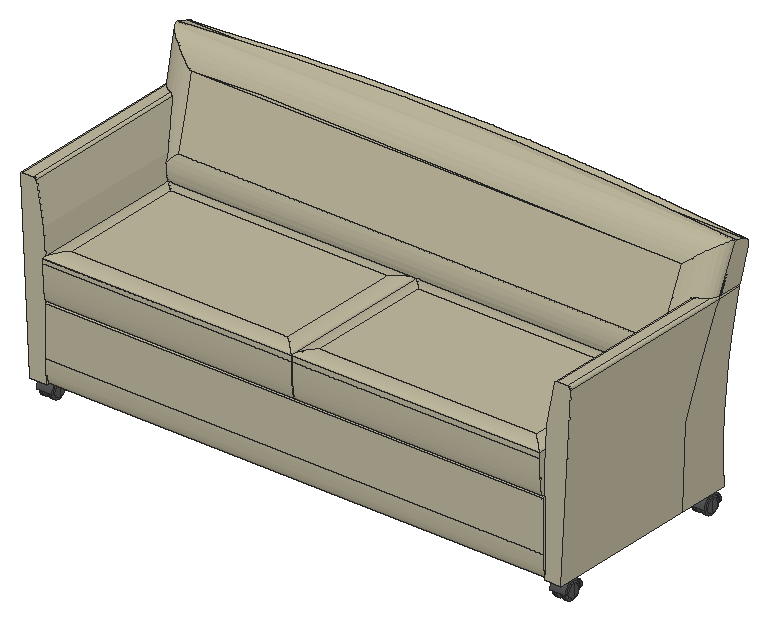
Revit family
Parameters
  URL = "http://www.martinbrattrud.com"
  SCS Certified Product = "Yes"
  Model = "Heritage 910-72"
  Manufacturer = "Martin Brattrud, Inc."
  Handle [instance] = none
  Keynote = "125000"
  Copyright = "© 2013 Martin Brattrud, Inc."
  Chair [instance] = none
  Wheel [instance] = none
  Authoring Version = "Revit Architecture 2010"
  Assembly Code = "E2020200"
Reference planes (in)
  plane 1 "Center Front/Back": y = 0
  plane 2: z = 0
  plane 3: x = 21.41231
Forms (in)
  Extrusion 1, solid, material <- "Chair"
    sketch origin (0, 0, 0) x (0, 1, 0) y (0, 0, 1)
      loop
        arc (12.74026, 2.62614) -> (12.50987, 16.40948) -> (14.59049, 30.03683) r 82.04243
        arc (14.59049, 30.03683) -> (14.49515, 30.75072) -> (13.94487, 31.21539) r 1
        line (13.94487, 31.21539) -> (12.52721, 31.70551) -> (6.08401, 13.06882) -> (6.08401, 2.62614) -> (12.74026, 2.62614)
    from -14.5 to 57.5
  Extrusion 2, solid, material <- "Chair"
    sketch origin (0, 0, 0) x (0, 1, 0) y (0, 0, 1)
      loop
        line (6.08401, 17.39354) -> (-13.90749, 17.39354) -> (-13.90749, 16.73684)
        spline (-13.90749, 16.73684) -> (-13.90289, 16.14947) -> (-13.88917, 15.57215) -> (-13.86656, 15.01476) -> (-13.83545, 14.48684) -> (-13.79637, 13.99741) -> (-13.75, 13.55486) -> (-13.69712, 13.16675) -> (-13.63864, 12.83973) -> (-13.57556, 12.57938) -> (-13.50896, 12.39017) -> (-13.43998, 12.27534) -> (-13.36979, 12.23684)
        line (-13.36979, 12.23684) -> (6.08401, 12.23684) -> (6.08401, 17.39354)
    from -10.4547 to 21.41231
  Sweep 3, solid, material <- "Chair"
    path in 3D
      loop
        line (-10.4547, 6.08401, 17.39354) -> (-10.4547, -13.90749, 17.39354) -> (21.41231, -13.90749, 17.39354) -> (21.41231, 6.08401, 17.39354) -> (-10.4547, 6.08401, 17.39354)
    profile origin (5.4788, 6.08401, 17.39354) x (0, -1, 0) y (0, 0, 1)
      loop
        line (0.03125, 0) -> (2.03125, 0) -> (2.03125, 0.56884)
        spline (2.03125, 0.56884) -> (1.7702, 0.56397) -> (1.51361, 0.54946) -> (1.26588, 0.52554) -> (1.03125, 0.49263) -> (0.81373, 0.45129) -> (0.61704, 0.40223) -> (0.44454, 0.34629) -> (0.2992, 0.28442) -> (0.18349, 0.21768) -> (0.0994, 0.14723) -> (0.04836, 0.07425) -> (0.03125, 0)
  Extrusion 4, solid, material <- "Chair"
    sketch origin (0, 0, 0) x (1, 0, 0) y (0, 1, 0)
      loop
        line (-8.42345, -11.87624) -> (19.38106, -11.87624) -> (19.38106, 4.05276) -> (-8.42345, 4.05276) -> (-8.42345, -11.87624)
    from 17.39354 to 17.96237
  Sweep 5, solid, material <- "Chair"
    path in 3D
      loop
        arc (57.5, 12.7199, 2.83) -> (57.5, 12.51683, 16.51168) -> (57.5, 14.59049, 30.03683) r 82.04243
        arc (57.5, 14.59049, 30.03683) -> (57.5, 14.49515, 30.75072) -> (57.5, 13.94487, 31.21539) r 1
        line (57.5, 13.94487, 31.21539) -> (57.5, 12.52721, 31.70551)
    profile origin (57.5, 13.23604, 31.46045) x (0, -0.32675, -0.945111) y (1, 0, 0)
      loop
        line (0, -72) -> (0, 0)
        arc (0, 0) -> (-1.30671, -36) -> (0, -72) r 496.55435
  Extrusion 6, void
    sketch origin (0, -11.75, 0) x (-1, 0, 0) y (0, 0, 1)
      loop
        arc (14.35088, 31.98684) -> (14.08326, 28.99427) -> (13.83545, 26) r 453.67894
        line (13.83545, 26) -> (13.42967, 26)
        arc (13.42967, 26) -> (13.70502, 25.87957) -> (13.80352, 25.59564) r 0.375
        arc (13.80352, 25.59564) -> (12.98082, 12.80689) -> (12.51965, 0) r 453.67894
        line (12.51965, 0) -> (15.2047, 0) -> (15.2047, 31.98684) -> (14.35088, 31.98684)
      loop
        line (-57.35088, 31.98684) -> (-58.2047, 31.98684) -> (-58.2047, 0) -> (-55.51965, 0)
        arc (-55.51965, 0) -> (-55.98082, 12.80689) -> (-56.80352, 25.59564) r 453.67894
        arc (-56.80352, 25.59564) -> (-56.70502, 25.87957) -> (-56.42967, 26) r 0.375
        line (-56.42967, 26) -> (-56.83545, 26)
        arc (-56.83545, 26) -> (-57.08326, 28.99427) -> (-57.35088, 31.98684) r 453.67894
    from -2.61979 to 26.83358
  Extrusion 7, solid, material <- "Chair"
    sketch origin (0, 19.68984, 52.42315) x (0, -0.32675, -0.945111) y (1, 0, 0)
      loop
        arc (25.63663, -9.97112) -> (29.88994, -9.65274) -> (34.14575, -9.36984) r 511.348
        line (34.14575, -9.36984) -> (34.14575, 52.40436) -> (25.65051, 53.01449)
        arc (25.65051, 53.01449) -> (24.64539, 21.5219) -> (25.63663, -9.97112) r 497.30164
    from 0 to 2.25
  Extrusion 8, solid, material <- "Chair"
    sketch origin (0, 0, 0) x (0, 1, 0) y (0, 0, 1)
      loop
        arc (-13.25527, 12.23684) -> (-13.43205, 12.16362) -> (-13.50527, 11.98684) r 0.25
        line (-13.50527, 11.98684) -> (-13.50527, 5.62614)
        spline (-13.50527, 5.62614) -> (-13.50023, 5.23456) -> (-13.48519, 4.84968) -> (-13.46042, 4.47809) -> (-13.42632, 4.12614) -> (-13.3835, 3.79985) -> (-13.33268, 3.50482) -> (-13.27472, 3.24608) -> (-13.21063, 3.02806) -> (-13.1415, 2.8545) -> (-13.06851, 2.72836) -> (-12.99291, 2.6518) -> (-12.91599, 2.62614)
        line (-12.91599, 2.62614) -> (6.08401, 2.62614) -> (6.08401, 12.23684) -> (-13.25527, 12.23684)
    from -10.4547 to 53.4547
  Sweep 9, solid, material <- "Chair"
    path origin (0, 11.84785, 29.74049) x (0, -0.32675, -0.945111) y (1, 0, 0)
      loop
        line (14.177, 56.15647) -> (-2.0979, 57.32533)
        arc (-2.0979, 57.32533) -> (-3.38586, 21.49909) -> (-2.1103, -14.32759) r 501.33289
        arc (-2.1103, -14.32759) -> (6.0287, -13.68425) -> (14.177, -13.17198) r 507.31675
        line (14.177, -13.17198) -> (14.177, 56.15647)
    profile origin (21.49225, 7.21551, 16.34165) x (0, -0.32675, -0.945111) y (0, -0.945111, 0.32675)
      loop
        line (-4.03125, 0) -> (-0.03125, 0)
        spline (-0.03125, 0) -> (-0.06547, 0.29368) -> (-0.16755, 0.58234) -> (-0.33573, 0.86104) -> (-0.56715, 1.125) -> (-0.85784, 1.36971) -> (-1.20282, 1.59099) -> (-1.5962, 1.78505) -> (-2.03125, 1.94856) -> (-2.50052, 2.07873) -> (-2.99597, 2.17333) -> (-3.50915, 2.23075) -> (-4.03125, 2.25)
        line (-4.03125, 2.25) -> (-4.03125, 0)
  Extrusion 10, solid, material <- "Chair"
    sketch origin (0, -11.75, 0) x (-1, 0, 0) y (0, 0, 1)
      loop
        arc (12.5847, 2.62614) -> (13.04852, 14.11862) -> (13.80352, 25.59564) r 453.67894
        arc (13.80352, 25.59564) -> (13.70502, 25.87957) -> (13.42967, 26) r 0.375
        line (13.42967, 26) -> (12.10847, 26)
        arc (12.10847, 26) -> (11.87817, 25.92096) -> (11.74496, 25.71714) r 0.375
        arc (11.74496, 25.71714) -> (10.77851, 20.58673) -> (10.4547, 15.37614) r 42.08491
        line (10.4547, 15.37614) -> (10.4547, 2.62614) -> (12.5847, 2.62614)
      loop
        line (-55.5847, 2.62614) -> (-53.4547, 2.62614) -> (-53.4547, 15.37614)
        arc (-53.4547, 15.37614) -> (-53.77851, 20.58673) -> (-54.74496, 25.71714) r 42.08491
        arc (-54.74496, 25.71714) -> (-54.87817, 25.92096) -> (-55.10847, 26) r 0.375
        line (-55.10847, 26) -> (-56.42967, 26)
        arc (-56.42967, 26) -> (-56.70502, 25.87957) -> (-56.80352, 25.59564) r 0.375
        arc (-56.80352, 25.59564) -> (-56.04852, 14.11862) -> (-55.5847, 2.62614) r 453.67894
    from -1.61979 to 25.88021
  Extrusion 11, solid, material <- "Wheel"
    sketch origin (0, 0, 0) x (0, 1, 0) y (0, 0, -1)
      loop
        arc (-12.47848, -1.0804) -> (-11.16598, -2.45654) -> (-9.85348, -1.0804) r 1.31397
        line (-9.85348, -1.0804) -> (-9.98095, -1.08637)
        arc (-9.98095, -1.08637) -> (-11.16745, -2.3304) -> (-12.35395, -1.08637) r 1.18783
        line (-12.35395, -1.08637) -> (-12.47848, -1.0804)
    from 10.44 to 12.44
  Revolve 12, solid, material <- "Wheel"
    sketch origin (0, -11.1734, 0) x (1, 0, 0) y (0, 0, -1)
      loop
        line (-11.315, -1.0804) -> (-10.47801, -1.0804) -> (-10.47801, -0.25)
        arc (-10.47801, -0.25) -> (-10.55123, -0.07322) -> (-10.72801, 0) r 0.25
        line (-10.72801, 0) -> (-11.065, 0)
        arc (-11.065, 0) -> (-11.24178, -0.07322) -> (-11.315, -0.25) r 0.25
        line (-11.315, -0.25) -> (-11.315, -1.0804)
      loop
        line (-11.565, -1.0804) -> (-11.565, -0.25)
        arc (-11.565, -0.25) -> (-11.63822, -0.07322) -> (-11.815, 0) r 0.25
        line (-11.815, 0) -> (-12.15199, 0)
        arc (-12.15199, 0) -> (-12.32877, -0.07322) -> (-12.40199, -0.25) r 0.25
        line (-12.40199, -0.25) -> (-12.40199, -1.0804) -> (-11.565, -1.0804)
      axis (-10.47801, -1.0804) -> (-12.40199, -1.0804)
    angle from 0 to 360
  Extrusion 13, solid, material <- "Wheel"
    sketch origin (-0.05844, 104.0333, 2.12614) x (-0.99232, 0.1237, 0) y (-0.1237, -0.99232, 0)
      loop
        circle (-2.90427, 115.22304) r 0.25
    from 0.04498 to 0.5
  Extrusion 14, solid, material <- "Wheel"
    sketch origin (0, 0, 0) x (0, -1, 0) y (0, 0, 1)
      loop
        line (-12.47848, 1.0804) -> (-12.35395, 1.08637)
        arc (-12.35395, 1.08637) -> (-11.16745, 2.3304) -> (-9.98095, 1.08637) r 1.18783
        line (-9.98095, 1.08637) -> (-9.85348, 1.0804)
        arc (-9.85348, 1.0804) -> (-11.16598, 2.45654) -> (-12.47848, 1.0804) r 1.31397
    from 10.44 to 12.44
  Revolve 15, solid, material <- "Wheel"
    sketch origin (0, 11.1734, 0) x (1, 0, 0) y (0, 0, 1)
      loop
        line (-11.315, 1.0804) -> (-11.315, 0.25)
        arc (-11.315, 0.25) -> (-11.24178, 0.07322) -> (-11.065, 0) r 0.25
        line (-11.065, 0) -> (-10.72801, 0)
        arc (-10.72801, 0) -> (-10.55123, 0.07322) -> (-10.47801, 0.25) r 0.25
        line (-10.47801, 0.25) -> (-10.47801, 1.0804) -> (-11.315, 1.0804)
      loop
        line (-11.565, 1.0804) -> (-12.40199, 1.0804) -> (-12.40199, 0.25)
        arc (-12.40199, 0.25) -> (-12.32877, 0.07322) -> (-12.15199, 0) r 0.25
        line (-12.15199, 0) -> (-11.815, 0)
        arc (-11.815, 0) -> (-11.63822, 0.07322) -> (-11.565, 0.25) r 0.25
        line (-11.565, 0.25) -> (-11.565, 1.0804)
      axis (-10.47801, 1.0804) -> (-12.40199, 1.0804)
    angle from 0 to 360
  Extrusion 16, solid, material <- "Wheel"
    sketch origin (-0.05844, -104.0333, 2.12614) x (0.99232, 0.1237, 0) y (-0.1237, 0.99232, 0)
      loop
        circle (2.90427, 115.22304) r 0.25
    from 0.04498 to 0.5
  Extrusion 17, void
    sketch origin (0, 0, 0) x (0, 1, 0) y (0, 0, 1)
      loop
        line (17.43249, 34.00269) -> (15.64821, 34.00269)
        arc (15.64821, 34.00269) -> (12.61417, 17.78301) -> (12.88719, 1.28425) r 82.04243
        line (12.88719, 1.28425) -> (17.43249, 1.28425) -> (17.43249, 34.00269)
    from -16 to 60.38347
  Extrusion 18, void
    sketch origin (0, -11.75, 0) x (-1, 0, 0) y (0, 0, 1)
      loop
        line (14.2047, 2.62614) -> (14.2047, 26.0625) -> (12.10847, 26.0625)
        arc (12.10847, 26.0625) -> (11.87817, 25.98346) -> (11.74496, 25.77964) r 0.375
        arc (11.74496, 25.77964) -> (10.77851, 20.64923) -> (10.4547, 15.43864) r 42.08491
        line (10.4547, 15.43864) -> (10.4547, 2.62614) -> (14.2047, 2.62614)
      loop
        line (-57.18961, 2.62614) -> (-53.43961, 2.62614) -> (-53.43961, 15.43864)
        arc (-53.43961, 15.43864) -> (-53.76342, 20.64923) -> (-54.72988, 25.77964) r 42.08491
        arc (-54.72988, 25.77964) -> (-54.86308, 25.98346) -> (-55.09338, 26.0625) r 0.375
        line (-55.09338, 26.0625) -> (-57.18961, 26.0625) -> (-57.18961, 2.62614)
    from -1.61979 to 25.88021
  Extrusion 19, solid, material <- "Wheel"
    sketch origin (43, 0, 0) x (0, 1, 0) y (0, 0, 1)
      loop
        line (-12.47848, 1.0804) -> (-12.35395, 1.08637)
        arc (-12.35395, 1.08637) -> (-11.16745, 2.3304) -> (-9.98095, 1.08637) r 1.18783
        line (-9.98095, 1.08637) -> (-9.85348, 1.0804)
        arc (-9.85348, 1.0804) -> (-11.16598, 2.45654) -> (-12.47848, 1.0804) r 1.31397
    from 10.44 to 12.44
  Revolve 20, solid, material <- "Wheel"
    sketch origin (43, -11.1734, 0) x (-1, 0, 0) y (0, 0, 1)
      loop
        line (-11.315, 1.0804) -> (-11.315, 0.25)
        arc (-11.315, 0.25) -> (-11.24178, 0.07322) -> (-11.065, 0) r 0.25
        line (-11.065, 0) -> (-10.72801, 0)
        arc (-10.72801, 0) -> (-10.55123, 0.07322) -> (-10.47801, 0.25) r 0.25
        line (-10.47801, 0.25) -> (-10.47801, 1.0804) -> (-11.315, 1.0804)
      loop
        line (-11.565, 1.0804) -> (-12.40199, 1.0804) -> (-12.40199, 0.25)
        arc (-12.40199, 0.25) -> (-12.32877, 0.07322) -> (-12.15199, 0) r 0.25
        line (-12.15199, 0) -> (-11.815, 0)
        arc (-11.815, 0) -> (-11.63822, 0.07322) -> (-11.565, 0.25) r 0.25
        line (-11.565, 0.25) -> (-11.565, 1.0804)
      axis (-10.47801, 1.0804) -> (-12.40199, 1.0804)
    angle from 0 to 360
  Extrusion 21, solid, material <- "Wheel"
    sketch origin (43.05844, 104.0333, 2.12614) x (-0.99232, -0.1237, 0) y (0.1237, -0.99232, 0)
      loop
        circle (2.90427, 115.22304) r 0.25
    from 0.04498 to 0.5
  Extrusion 22, solid, material <- "Wheel"
    sketch origin (43, 0, 0) x (0, -1, 0) y (0, 0, -1)
      loop
        arc (-12.47848, -1.0804) -> (-11.16598, -2.45654) -> (-9.85348, -1.0804) r 1.31397
        line (-9.85348, -1.0804) -> (-9.98095, -1.08637)
        arc (-9.98095, -1.08637) -> (-11.16745, -2.3304) -> (-12.35395, -1.08637) r 1.18783
        line (-12.35395, -1.08637) -> (-12.47848, -1.0804)
    from 10.44 to 12.44
  Revolve 23, solid, material <- "Wheel"
    sketch origin (43, 11.1734, 0) x (-1, 0, 0) y (0, 0, -1)
      loop
        line (-11.315, -1.0804) -> (-10.47801, -1.0804) -> (-10.47801, -0.25)
        arc (-10.47801, -0.25) -> (-10.55123, -0.07322) -> (-10.72801, 0) r 0.25
        line (-10.72801, 0) -> (-11.065, 0)
        arc (-11.065, 0) -> (-11.24178, -0.07322) -> (-11.315, -0.25) r 0.25
        line (-11.315, -0.25) -> (-11.315, -1.0804)
      loop
        line (-11.565, -1.0804) -> (-11.565, -0.25)
        arc (-11.565, -0.25) -> (-11.63822, -0.07322) -> (-11.815, 0) r 0.25
        line (-11.815, 0) -> (-12.15199, 0)
        arc (-12.15199, 0) -> (-12.32877, -0.07322) -> (-12.40199, -0.25) r 0.25
        line (-12.40199, -0.25) -> (-12.40199, -1.0804) -> (-11.565, -1.0804)
      axis (-10.47801, -1.0804) -> (-12.40199, -1.0804)
    angle from 0 to 360
  Extrusion 24, solid, material <- "Wheel"
    sketch origin (43.05844, -104.0333, 2.12614) x (0.99232, -0.1237, 0) y (0.1237, 0.99232, 0)
      loop
        circle (-2.90427, 115.22304) r 0.25
    from 0.04498 to 0.5
  Extrusion 25, solid, material <- "Chair"
    sketch origin (42.82461, 0, 0) x (0, 1, 0) y (0, 0, -1)
      loop
        line (6.08401, -17.39354) -> (6.08401, -12.23684) -> (-13.36979, -12.23684)
        spline (-13.36979, -12.23684) -> (-13.43998, -12.27534) -> (-13.50896, -12.39017) -> (-13.57556, -12.57938) -> (-13.63864, -12.83973) -> (-13.69712, -13.16675) -> (-13.75, -13.55486) -> (-13.79637, -13.99741) -> (-13.83545, -14.48684) -> (-13.86656, -15.01476) -> (-13.88917, -15.57215) -> (-13.90289, -16.14947) -> (-13.90749, -16.73684)
        line (-13.90749, -16.73684) -> (-13.90749, -17.39354) -> (6.08401, -17.39354)
    from -10.4547 to 21.41231
  Sweep 26, solid, material <- "Chair"
    path in 3D
      loop
        line (21.41231, 6.08401, 17.39354) -> (21.41231, -13.90749, 17.39354) -> (53.27931, -13.90749, 17.39354) -> (53.27931, 6.08401, 17.39354) -> (21.41231, 6.08401, 17.39354)
    profile origin (37.34581, 6.08401, 17.39354) x (0, -1, 0) y (0, 0, 1)
      loop
        line (0.03125, 0) -> (2.03125, 0) -> (2.03125, 0.56884)
        spline (2.03125, 0.56884) -> (1.7702, 0.56397) -> (1.51361, 0.54946) -> (1.26588, 0.52554) -> (1.03125, 0.49263) -> (0.81373, 0.45129) -> (0.61704, 0.40223) -> (0.44454, 0.34629) -> (0.2992, 0.28442) -> (0.18349, 0.21768) -> (0.0994, 0.14723) -> (0.04836, 0.07425) -> (0.03125, 0)
  Extrusion 27, solid, material <- "Chair"
    sketch origin (0, 0, 0) x (1, 0, 0) y (0, 1, 0)
      loop
        line (23.44356, -11.87624) -> (51.24806, -11.87624) -> (51.24806, 4.05276) -> (23.44356, 4.05276) -> (23.44356, -11.87624)
    from 17.39354 to 17.96237
Cuts and joins
  joined: Sweep 3, Extrusion 4
  Extrusion 6 cuts Extrusion 1
  Extrusion 6, Extrusion 17 cuts Sweep 5
  Extrusion 17 cuts Extrusion 10
  joined: Extrusion 1, Sweep 5, Extrusion 10
  Extrusion 18 cuts Sweep 9
  joined: Extrusion 7, Sweep 9
  joined: Sweep 26, Extrusion 27
Lines and regions (in)
  sketch lines
    curve 1: line (21.41231, 6.08401, 17.39354) -> (-10.4547, 6.08401, 17.39354)
    curve 2: line (-10.4547, -13.90749, 17.39354) -> (-10.4547, 6.08401, 17.39354)
    curve 3: line (21.41231, -13.90749, 17.39354) -> (-10.4547, -13.90749, 17.39354)
    curve 4: line (21.41231, 6.08401, 17.39354) -> (21.41231, -13.90749, 17.39354)
    curve 5: line (57.5, 13.94487, 31.21539) -> (57.5, 12.52721, 31.70551)
    curve 6: arc (57.5, 13.94487, 31.21539) -> (57.5, 14.49515, 30.75072) -> (57.5, 14.59049, 30.03683) r 1
    curve 7: arc (57.5, 14.59049, 30.03683) -> (57.5, 12.51683, 16.51168) -> (57.5, 12.7199, 2.83) r 82.04243
    curve 8: line (53.27931, 6.08401, 17.39354) -> (21.41231, 6.08401, 17.39354)
    curve 9: line (21.41231, -13.90749, 17.39354) -> (21.41231, 6.08401, 17.39354)
    curve 10: line (53.27931, -13.90749, 17.39354) -> (21.41231, -13.90749, 17.39354)
    curve 11: line (53.27931, 6.08401, 17.39354) -> (53.27931, -13.90749, 17.39354)
